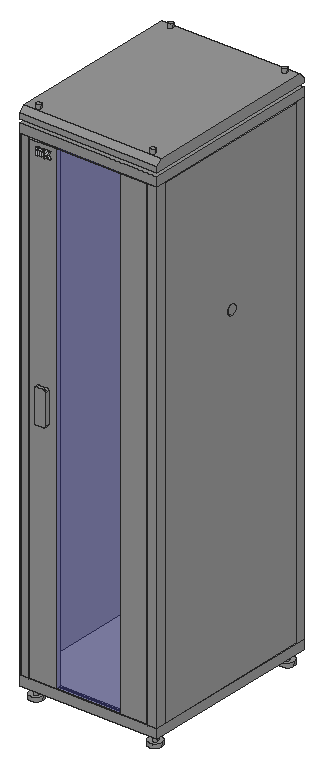
Revit family "ITK Шкаф сетевой 19 LINEA N 18U (600х600 мм и 600х800 мм) со стеклянной передней дверью", category Электрооборудование, Revit 2016
Family settings
  Тип детали = Другая панель
  Размер круглого соединителя = Использовать диаметр
  Номер OmniClass = 23.80.30.11.17
  Заголовок OmniClass = Distribution Boards and Control Panels
  На основе рабочей плоскости = Нет
  Всегда вертикально = Да
  При загрузке вырезать с полостями = Нет
  Общий = Нет
  Точка расчета площади = Нет
Parameters
  Ширина УГО = Ширина / 100  # 6 mm
  Ширина = 600 mm
  Степень защиты = "IP20"
  Смещение УГО по X [instance] = 1000 mm
  Основание = 50 mm
  Описание = "Напольные 19-дюймовые шкафы серии LINEA N применяются для размещения различного телекоммуникационного 19-дюймового активного и пассивного оборудования и небольших серверов, а также специализированного оборудования стандарта 19 дюймов, и отлично подходят для размещения как в офисных помещениях, так и в специализированных серверных комнатах.\r\n\r\nШирокий диапазон типоразмеров и модификаций сетевых шкафов, а также наличие большого количества комплектующих и аксессуаров к ним позволяет заказчику подобрать необходимую спецификацию в соответствии со стоящими перед ним задачами, а соответствие международным стандартам, таким как ISO9001, IEC 297, ISO/IEC 1180, обеспечивает совместимость с компонентами СКС и оборудованием других производителей.\r\n\r\nШкафы LINEA N обладают современным привлекательным дизайном и технологичной, но в то же время простой и удобной конструкцией, которая дает возможность эффективно справляться с задачами быстрого монтажа, администрирования и оперативного изменения конфигурации 19-дюймового оборудования, задачей защиты этого оборудования и поддержания для него оптимального температурного режима. Доступ внутрь шкафа возможен со всех сторон, для ввода кабеля предусмотрены вводы в верхней и нижней части. Сборка шкафа осуществляется одним специалистом и занимает не более 20 минут.\r\nРегулируемые по глубине 19-дюймовые направляющие.\r\nСовременный привлекательный дизайн.\r\nМонтажные профили имеют разметку в юнитах (U).\r\nХорошая естественная вентиляция, возможность установки дополнительных вентиляторных модулей.\r\nБоковые стенки оснащены замком и защелками.\r\nВозможность замены регулируемых ножек на ролики с тормозом.\r\nСтатическая нагрузка до 1000 кг (ножки).\r\nСборка одним человеком за 20 минут.\r\nНаличие большого количества совместимых аксессуаров и комплектующих производства ITK.\r\nВозможно исполнение в двух цветах: сером (RAL7035) и черном (RAL9005).\r\nРасширенная гарантия до 10 лет."  # constant formula
  Материал = Окраска - RAL 7035
  Крышка вентиляционная = 60 mm
  Type Comments = " "
  Assembly Code = ""
  Изготовитель = "ITK"  # constant formula
  Засечка УГО = 1.2 mm  # constant formula
  Model = ""
  Глубина УГО = Глубина / 100  # 8 mm
  Глубина = 800 mm
  Высота = 2312 mm
  Вид установки = "Напольный"
  URL = "http://www.itk-group.ru/produktsiya/catalog/?page=section&id=450&pagen=1&pagec=100"
  ADSK_Ток = ADSK_Номинальная мощность / (ADSK_Коэффициент мощности * ADSK_Напряжение * sqrt(ADSK_Количество фаз числовое))  # 0 A
  ADSK_Примечание = ""
  ADSK_Полная мощность = ADSK_Номинальная мощность / ADSK_Коэффициент мощности  # 0 VA
  ADSK_Позиция [instance] = ""
  ADSK_Номинальная мощность = 0 W
  ADSK_Напряжение = 220 V
  ADSK_Наименование краткое = "LN35-47U68-G"
  ADSK_Наименование = "ITK Шкаф сетевой 19\" LINEA N 47U 600х800 мм, стеклянная передняя дверь, серый"
  ADSK_Масса = 117
  ADSK_Марка = "LN35-47U68-G"
  ADSK_Коэффициент мощности = 1
  ADSK_Количество фаз числовое = 1
  ADSK_Количество фаз = 1
  ADSK_Код изделия = ""
  ADSK_Классификация нагрузок = Прочее
  ADSK_Завод-изготовитель = "IEK"
  ADSK_Единица измерения = "шт"
  ADSK_Группирование = "I. ЩИТЫ И ПУЛЬТЫ"
Reference planes
  plane 1 "По центру (Вперед/Назад)": y = 0
  plane 2: z = 0
  plane 3 "По центру (Влево/Вправо)": x = 0
  plane 4: x = -300
  plane 5: x = 300
  plane 6: y = 400
  plane 7: y = -400
  plane 8: z = 2312
  plane 9: z = 250
  plane 10: z = 2252
  plane 11: z = 50
  plane 12 "Смещение УГО по X": x = -1000
Forms (mm)
  Extrusion 1, solid, detail levels coarse+medium
    sketch origin (0, 0, 0) x (1, 0, 0) y (0, 1, 0)
      loop
        line (-300, 400) -> (-300, -400) -> (300, -400) -> (300, 400) -> (-300, 400)
    from 0 to 2312 <- "Высота"
Lines and regions (mm)
  reference lines
    curve 1: line (0, 119.942, 0) -> (0, -220.058, 0)
Dimensions and locks
  equal spacing: plane 7, plane 1 "По центру (Вперед/Назад)", plane 6
  "Глубина": plane 7 to plane 6
  equal spacing: plane 4, plane 3 "По центру (Влево/Вправо)", plane 5
  "Ширина": plane 4 to plane 5
  "Крышка вентиляционная": plane 8 to plane 10
  "Основание": plane 11 to plane 2
  "Высота": plane 8 to plane 2
  plane 12 "Смещение УГО по X" to plane 3 "По центру (Влево/Вправо)" = 1000 mm
  "Смещение УГО по X": plane 12 "Смещение УГО по X" to curve 1
  aligned and locked: level to plane 2
  aligned and locked: plane 1 "По центру (Вперед/Назад)" to nested 1
  aligned and locked: plane 3 "По центру (Влево/Вправо)" to nested 1
  aligned and locked: plane 3 "По центру (Влево/Вправо)" to nested 2
  aligned and locked: plane 1 "По центру (Вперед/Назад)" to nested 2
  aligned and locked: plane 1 "По центру (Вперед/Назад)" to nested 3
  aligned and locked: plane 3 "По центру (Влево/Вправо)" to nested 3
  aligned and locked: plane 1 "По центру (Вперед/Назад)" to nested 4
  aligned and locked: plane 3 "По центру (Влево/Вправо)" to nested 4
  aligned and locked: plane 3 "По центру (Влево/Вправо)" to nested 5
  aligned and locked: plane 1 "По центру (Вперед/Назад)" to nested 5
  aligned and locked: plane 1 "По центру (Вперед/Назад)" to nested 6
  aligned and locked: plane 3 "По центру (Влево/Вправо)" to nested 6
  aligned and locked: plane 1 "По центру (Вперед/Назад)" to nested 7
  aligned and locked: plane 3 "По центру (Влево/Вправо)" to nested 7
  aligned and locked: Extrusion 1 sketch curve to plane 4
  aligned and locked: Extrusion 1 sketch curve to plane 6
  aligned and locked: plane 7 to Extrusion 1 sketch curve
  aligned and locked: plane 5 to Extrusion 1 sketch curve
  aligned and locked: plane 1 "По центру (Вперед/Назад)" to nested 8
  aligned and locked: nested 1 to nested 4
  aligned and locked: nested 8 to curve 1
Automatic sketch dimensions
  curve 1 to plane 7 = 179.942 mm
  curve 1 to plane 1 "По центру (Вперед/Назад)" = 119.942 mm
Nested families
  nested 1: "Стойка_комплект 4шт" at (0, 0, 0), type "Стойка_комплект 4шт", detail levels fine
    with Основание 50 mm, Глубина 800 mm, Высота 2312 mm
  nested 2: "Панель боковая_2шт" at (0, 0, 0), type "Панель боковая_2шт", detail levels fine
    with Основание 50 mm, Крыша вентиляционная 60 mm, Глубина 800 mm, Высота 2312 mm
  nested 3: "Панель задняя" at (0, 0, 0), type "Панель задняя", detail levels fine
    with Основание 50 mm, Крыша вентиляционная 60 mm, Глубина 800 mm, Высота 2312 mm
  nested 4: "Основание_2шт" at (0, 0, 0), type "Основание_2шт", detail levels fine
    with Крыша вентиляционная 60 mm, Глубина 800 mm, Высота 2312 mm
  nested 5: "Крыша вентиляционная" at (0, 0, 0), type "Крыша вентиляционная", detail levels fine
    with Крыша вентиляционная 60 mm, Глубина 800 mm, Высота 2312 mm
  nested 6: "Ножки" at (0, 0, 0), type "Ножки", detail levels fine
    with Крыша вентиляционная 60 mm, Глубина 800 mm, Высота 2312 mm
  nested 7: "Комплект двери стекляной" at (0, 0, 0), type "Комплект двери стекляной", detail levels fine
    with Основание 50 mm, Крыша вентиляционная 60 mm, Глубина 800 mm, Высота 2312 mm
  nested 8: "УГО (одна дверь)" at (0, 0, 0), type "УГО (одна дверь)", detail levels coarse+medium
    with Ширина УГО 6 mm, Засечка УГО 1.2 mm, Глубина УГО 8 mm
Connectors
  electrical at (0, 400, 1156), driven by "ADSK_Напряжение", driven by "ADSK_Количество фаз", driven by "ADSK_Коэффициент мощности", driven by "ADSK_Классификация нагрузок", driven by "ADSK_Полная мощность"
    settings: on Extrusion 1, index 1, voltage 220 V, apparent load 0 VA, apparent load phase1 0 VA, apparent load phase2 0 VA, apparent load phase3 0 VA, power factor 1, load classification "Прочее", number of poles 1, system type 31, power factor state 1, is connector primary yes, connector utility no, sub classification motor no, connector description ""
Definition of nested family "Стойка_комплект 4шт"
  Parameters
    Ширина = 600 mm
    Основание = 150 mm
    Материал = none
    Крыша вентиляционная = 60 mm
    Глубина = 600 mm
    Высота = 2200 mm
  Reference planes
    plane 1 "По центру (Вперед/Назад)": y = 0
    plane 2: z = 0
    plane 3 "По центру (Влево/Вправо)": x = 0
    plane 4: x = -300
    plane 5: x = 300
    plane 6: y = 300
    plane 7: y = -300
    plane 8: y = 260
    plane 9: y = -260
    plane 10: x = -260
    plane 11: x = 260
    plane 12: z = 2100
    plane 13: z = 190
    plane 14: z = 150
    plane 15: z = 2140
    plane 16: z = 2200
  Forms (mm)
    Extrusion 1, solid, material <- "Материал"
      sketch origin (0, 0, 0) x (1, 0, 0) y (0, 1, 0)
        loop
          line (-300, -260) -> (-300, -300) -> (-260, -300) -> (-260, -280) -> (-245, -280) -> (-245, -260) -> (-260, -260) -> (-260, -245) -> (-270, -245) -> (-270, -260) -> (-300, -260)
        loop
          line (300, -260) -> (270, -260) -> (270, -245) -> (260, -245) -> (260, -260) -> (245, -260) -> (245, -280) -> (260, -280) -> (260, -300) -> (300, -300) -> (300, -260)
        loop
          line (300, 260) -> (300, 300) -> (260, 300) -> (260, 270) -> (245, 270) -> (245, 260) -> (260, 260) -> (260, 245) -> (270, 245) -> (270, 260) -> (300, 260)
        loop
          line (-300, 260) -> (-270, 260) -> (-270, 245) -> (-260, 245) -> (-260, 260) -> (-245, 260) -> (-245, 270) -> (-260, 270) -> (-260, 300) -> (-300, 300) -> (-300, 260)
        loop
          line (297, 297) -> (263, 297) -> (263, 267) -> (248, 267) -> (248, 263) -> (263, 263) -> (263, 248) -> (267, 248) -> (267, 263) -> (297, 263) -> (297, 297)
        loop
          line (-263, 297) -> (-297, 297) -> (-297, 263) -> (-267, 263) -> (-267, 248) -> (-263, 248) -> (-263, 263) -> (-248, 263) -> (-248, 267) -> (-263, 267) -> (-263, 297)
        loop
          line (-297, -263) -> (-297, -297) -> (-263, -297) -> (-263, -277) -> (-248, -277) -> (-248, -263) -> (-263, -263) -> (-263, -248) -> (-267, -248) -> (-267, -263) -> (-297, -263)
        loop
          line (263, -297) -> (297, -297) -> (297, -263) -> (267, -263) -> (267, -248) -> (263, -248) -> (263, -263) -> (248, -263) -> (248, -277) -> (263, -277) -> (263, -297)
      from 190 to 2100
  Dimensions and locks
    equal spacing: plane 7, plane 1 "По центру (Вперед/Назад)", plane 6
    equal spacing: plane 4, plane 3 "По центру (Влево/Вправо)", plane 5
    "Ширина": plane 4 to plane 5
    "Глубина": plane 7 to plane 6
    locked: plane 7 to plane 9 at 40
    locked: plane 6 to plane 8 at 40
    locked: plane 11 to plane 5 at 40
    locked: plane 4 to plane 10 at 40
    locked: plane 15 to plane 12 at 40
    "Крыша вентиляционная": plane 16 to plane 15
    locked: plane 13 to plane 14 at 40
    "Основание": plane 14 to plane 2
    "Высота": plane 16 to plane 2
    aligned and locked: level to plane 2
    aligned and locked: plane 9 to Extrusion 1 sketch curve
    aligned and locked: plane 4 to Extrusion 1 sketch curve
    aligned and locked: Extrusion 1 sketch curve to plane 7
    aligned and locked: plane 5 to Extrusion 1 sketch curve
    aligned and locked: plane 8 to Extrusion 1 sketch curve  (x2)
    aligned and locked: Extrusion 1 sketch curve to plane 11  (x2)
    aligned and locked: Extrusion 1 sketch curve to plane 6
    aligned and locked: plane 10 to Extrusion 1 sketch curve  (x2)
    aligned and locked: Extrusion 1 sketch curve to plane 8  (x2)
    aligned and locked: plane 6 to Extrusion 1 sketch curve
    aligned and locked: Extrusion 1 sketch curve to plane 4
    aligned and locked: plane 7 to Extrusion 1 sketch curve
    aligned and locked: Extrusion 1 sketch curve to plane 5
    aligned and locked: Extrusion 1 sketch curve to plane 9
    aligned and locked: plane 11 to Extrusion 1 sketch curve
    aligned and locked: plane 12 to Extrusion 1
    aligned and locked: Extrusion 1 to plane 13
  Automatic sketch dimensions
    Extrusion 1 sketch curve to plane 10 = 0 mm  (x2)
    plane 9 to Extrusion 1 sketch curve = 0 mm  (x2)
    Extrusion 1 sketch curve to plane 11 = 0 mm
    plane 4 to Extrusion 1 sketch curve = 3 mm  (x2)
    Extrusion 1 sketch curve to plane 10 = 10 mm  (x2)
    Extrusion 1 sketch curve to Extrusion 1 sketch curve = 3 mm  (x16)
    Extrusion 1 sketch curve to plane 10 = 3 mm  (x4)
    plane 10 to Extrusion 1 sketch curve = 12 mm  (x2)
    Extrusion 1 sketch curve to Extrusion 1 sketch curve = 15 mm  (x2)
    Extrusion 1 sketch curve to plane 11 = 3 mm  (x4)
    Extrusion 1 sketch curve to Extrusion 1 sketch curve = 4 mm  (x4)
    plane 5 to Extrusion 1 sketch curve = 3 mm  (x2)
    Extrusion 1 sketch curve to plane 7 = 3 mm  (x2)
    Extrusion 1 sketch curve to plane 7 = 20 mm  (x2)
    plane 9 to Extrusion 1 sketch curve = 3 mm  (x4)
    Extrusion 1 sketch curve to plane 9 = 12 mm  (x2)
    Extrusion 1 sketch curve to plane 8 = 15 mm  (x2)
    plane 8 to Extrusion 1 sketch curve = 3 mm  (x4)
    Extrusion 1 sketch curve to plane 6 = 3 mm  (x2)
Definition of nested family "Панель боковая_2шт"
  Parameters
    Ширина = 600 mm
    Основание = 150 mm
    Материал = none
    Крыша вентиляционная = 80 mm
    Глубина = 600 mm
    Высота = 1800 mm
  Reference planes
    plane 1 "По центру (Вперед/Назад)": y = 0
    plane 2: z = 0
    plane 3 "По центру (Влево/Вправо)": x = 0
    plane 4: x = -300
    plane 5: x = 300
    plane 6: y = 300
    plane 7: y = -300
    plane 8: y = 260
    plane 9: y = -260
    plane 10: x = -260
    plane 11: x = 260
    plane 12: z = 1680
    plane 13: z = 190
    plane 14: z = 1675
    plane 15: z = 195
    plane 16: z = 150
    plane 17: z = 1720
    plane 18: z = 1800
    plane 19: z = 1250
    plane 20: z = 700
  Forms (mm)
    Extrusion 1, solid, material <- "Материал"
      sketch origin (0, 0, 0) x (1, 0, 0) y (0, 1, 0)
        loop
          line (-300, 255) -> (-300, -255) -> (-269.98, -255) -> (-269.98, -245) -> (-289.98, -245) -> (-289.98, 245) -> (-270, 245) -> (-270, 255) -> (-300, 255)
        loop
          line (300, 255) -> (269.98, 255) -> (269.98, 245) -> (289.98, 245) -> (289.98, -245) -> (269.98, -245) -> (269.98, -255) -> (300, -255) -> (300, 255)
      from 195 to 1675
  Dimensions and locks
    equal spacing: plane 7, plane 1 "По центру (Вперед/Назад)", plane 6
    equal spacing: plane 4, plane 3 "По центру (Влево/Вправо)", plane 5
    "Ширина": plane 4 to plane 5
    "Глубина": plane 7 to plane 6
    locked: plane 7 to plane 9 at 40
    locked: plane 6 to plane 8 at 40
    locked: plane 11 to plane 5 at 40
    locked: plane 4 to plane 10 at 40
    locked: plane 12 to plane 14 at 5
    locked: plane 15 to plane 13 at 5
    locked: plane 13 to plane 16 at 40
    "Основание": plane 16 to plane 2
    locked: plane 17 to plane 12 at 40
    "Крыша вентиляционная": plane 18 to plane 17
    equal spacing: plane 18, plane 19, plane 20, plane 16
    "Высота": plane 18 to plane 2
    aligned and locked: level to plane 2
    aligned and locked: plane 4 to Extrusion 1 sketch curve
    aligned and locked: Extrusion 1 sketch curve to plane 5
    aligned and locked: plane 14 to Extrusion 1
    aligned and locked: Extrusion 1 to plane 15
    aligned and locked: nested 2 to plane 1 "По центру (Вперед/Назад)"
    aligned and locked: nested 2 to plane 19
    aligned and locked: nested 1 to plane 19
    aligned and locked: plane 1 "По центру (Вперед/Назад)" to nested 1
  Automatic sketch dimensions
    plane 4 to Extrusion 1 sketch curve = 10.02 mm
    Extrusion 1 sketch curve to plane 10 = 10 mm
    Extrusion 1 sketch curve to plane 10 = 9.98 mm
    Extrusion 1 sketch curve to plane 11 = 9.98 mm  (x2)
    plane 5 to Extrusion 1 sketch curve = 10.02 mm
    Extrusion 1 sketch curve to plane 9 = 15 mm  (x2)
    Extrusion 1 sketch curve to plane 8 = 15 mm  (x2)
    Extrusion 1 sketch curve to plane 9 = 5 mm  (x2)
    Extrusion 1 sketch curve to plane 8 = 5 mm  (x2)
  Nested families
    nested 1: "Замок" at (-300, 0, 1250) x (0, -1, 0) z (-1, 0, 0), type "Замок"
    nested 2: "Замок" at (300, 0, 1250) x (0, 1, 0) z (1, 0, 0), type "Замок"
  Definition of nested family "Замок"
    Parameters
      Default Elevation = 1219.2 mm
      Материал = none
    Reference planes
      plane 1 "По центру (Вперед/Назад)": y = 0
      plane 2: z = 0
      plane 3 "По центру (Влево/Вправо)": x = 0
    Forms (mm)
      Extrusion 1, solid
        sketch origin (0, 0, 0) x (1, 0, 0) y (0, 1, 0)
          loop
            line (-1219.2, 1219.2) -> (-1219.2, -1219.2) -> (1219.2, -1219.2) -> (1219.2, 1219.2) -> (-1219.2, 1219.2)
        from 0 to -304.8
      Extrusion 2, solid, material <- "Материал"
        sketch origin (0, 0, 0) x (1, 0, 0) y (0, 1, 0)
          loop
            circle (0, 0) r 20
          loop
            line (3, 8.219) -> (-3, 8.219) -> (-3, -8.219) -> (3, -8.219) -> (3, 8.219)
        from 0 to 7
    Dimensions and locks
      aligned and locked: plane 2 to Extrusion 1
      aligned and locked: level to Extrusion 1
Definition of nested family "Панель задняя"
  Parameters
    Ширина = 600 mm
    Основание = 150 mm
    Материал = none
    Крыша вентиляционная = 45 mm
    Глубина = 600 mm
    Высота = 1800 mm
  Reference planes
    plane 1 "По центру (Вперед/Назад)": y = 0
    plane 2: z = 0
    plane 3 "По центру (Влево/Вправо)": x = 0
    plane 4: x = -300
    plane 5: x = 300
    plane 6: y = 300
    plane 7: y = -300
    plane 8: y = 260
    plane 9: y = -260
    plane 10: x = -260
    plane 11: x = 260
    plane 12: z = 1715
    plane 13: z = 190
    plane 14: z = 1710
    plane 15: z = 195
    plane 16: z = 1755
    plane 17: z = 1800
    plane 18: z = 150
    plane 19: z = 240
    plane 20: z = 320
    plane 21: z = 370
    plane 22: z = 1665
    plane 23: z = 1585
    plane 24: z = 1535
    plane 25: z = 952.5
    plane 26: x = 140
    plane 27: x = -140
  Forms (mm)
    Extrusion 1, solid, material <- "Материал"
      sketch origin (0, 0, 0) x (1, 0, 0) y (0, 1, 0)
        loop
          line (-255, 300) -> (-255, 270) -> (-245, 270) -> (-245, 290) -> (245, 290) -> (245, 270) -> (255, 270) -> (255, 300) -> (-255, 300)
      from 195 to 1710
    Extrusion 2, void
      sketch origin (0, 0, 0) x (1, 0, 0) y (0, 0, 1)
        loop
          line (-255, 372.527) -> (-255, 367.473) -> (255, 367.473) -> (255, 372.527) -> (-255, 372.527)
        loop
          line (-175, 320) -> (-175, 240) -> (175, 240) -> (175, 320) -> (-175, 320)
        loop
          line (-170, 245) -> (170, 245) -> (170, 315) -> (-170, 315) -> (-170, 245)
        loop
          line (-255, 1532.473) -> (255, 1532.473) -> (255, 1537.527) -> (-255, 1537.527) -> (-255, 1532.473)
        loop
          line (-175, 1585) -> (175, 1585) -> (175, 1665) -> (-175, 1665) -> (-175, 1585)
        loop
          line (-170, 1660) -> (-170, 1590) -> (170, 1590) -> (170, 1660) -> (-170, 1660)
      from -300 to -293
  Cuts and joins
    Extrusion 2 cuts Extrusion 1
  Dimensions and locks
    equal spacing: plane 7, plane 1 "По центру (Вперед/Назад)", plane 6
    equal spacing: plane 4, plane 3 "По центру (Влево/Вправо)", plane 5
    "Ширина": plane 4 to plane 5
    "Глубина": plane 7 to plane 6
    locked: plane 7 to plane 9 at 40
    locked: plane 6 to plane 8 at 40
    locked: plane 11 to plane 5 at 40
    locked: plane 4 to plane 10 at 40
    locked: plane 12 to plane 14 at 5
    locked: plane 15 to plane 13 at 5
    locked: plane 16 to plane 12 at 40
    "Крыша вентиляционная": plane 17 to plane 16
    locked: plane 13 to plane 18 at 40
    "Основание": plane 18 to plane 2
    equal spacing: Extrusion 2 sketch curve, plane 21, Extrusion 2 sketch curve
    locked: Extrusion 2 sketch curve to Extrusion 2 sketch curve at 5.053  (x2)
    equal spacing: Extrusion 2 sketch curve, plane 3 "По центру (Влево/Вправо)", Extrusion 2 sketch curve  (x2)
    locked: Extrusion 2 sketch curve to Extrusion 2 sketch curve at 350  (x2)
    locked: plane 19 to plane 13 at 50
    locked: plane 21 to plane 20 at 50
    locked: plane 20 to plane 19 at 80
    locked: plane 23 to plane 24 at 50
    locked: plane 12 to plane 22 at 50
    locked: plane 22 to plane 23 at 80
    equal spacing: Extrusion 2 sketch curve, plane 24, Extrusion 2 sketch curve
    locked: plane 27 to plane 10 at 120
    locked: plane 26 to plane 11 at 120
    "Высота": plane 17 to plane 2
    equal spacing: plane 18, plane 25, plane 16
    aligned and locked: level to plane 2
    aligned and locked: Extrusion 1 sketch curve to plane 6
    aligned and locked: plane 14 to Extrusion 1
    aligned and locked: Extrusion 1 to plane 15
    aligned and locked: Extrusion 2 sketch curve to Extrusion 1  (x2)
    aligned and locked: Extrusion 2 sketch curve to plane 20
    aligned and locked: plane 19 to Extrusion 2 sketch curve
    aligned and locked: plane 6 to Extrusion 2
    aligned and locked: Extrusion 2 sketch curve to plane 23
    aligned and locked: plane 22 to Extrusion 2 sketch curve
    aligned and locked: nested 2 to plane 25
    aligned and locked: plane 26 to nested 2
    aligned and locked: nested 1 to plane 25
    aligned and locked: nested 1 to plane 27
  Automatic sketch dimensions
    plane 10 to Extrusion 1 sketch curve = 5 mm
    Extrusion 1 sketch curve to Extrusion 1 sketch curve = 10 mm
    plane 11 to Extrusion 1 sketch curve = 15 mm
    plane 11 to Extrusion 1 sketch curve = 5 mm
    Extrusion 1 sketch curve to plane 6 = 10 mm
    plane 8 to Extrusion 1 sketch curve = 10 mm  (x2)
    plane 10 to Extrusion 2 sketch curve = 5 mm
    Extrusion 2 sketch curve to Extrusion 2 sketch curve = 5 mm  (x4)
    plane 11 to Extrusion 2 sketch curve = 5 mm
    plane 19 to Extrusion 2 sketch curve = 5 mm
    Extrusion 2 sketch curve to plane 20 = 5 mm
    plane 23 to Extrusion 2 sketch curve = 5 mm
    Extrusion 2 sketch curve to plane 22 = 5 mm
  Nested families
    nested 1: "Замок" at (-140, 300, 952.5) x (-1, 0, 0) z (0, 1, 0), type "Замок"
    nested 2: "Замок" at (140, 300, 952.5) x (-1, 0, 0) z (0, 1, 0), type "Замок"
  Definition of nested family "Замок"
    Parameters
      Default Elevation = 1219.2 mm
      Материал = none
    Reference planes
      plane 1 "По центру (Вперед/Назад)": y = 0
      plane 2: z = 0
      plane 3 "По центру (Влево/Вправо)": x = 0
    Forms (mm)
      Extrusion 1, solid
        sketch origin (0, 0, 0) x (1, 0, 0) y (0, 1, 0)
          loop
            line (-1219.2, 1219.2) -> (-1219.2, -1219.2) -> (1219.2, -1219.2) -> (1219.2, 1219.2) -> (-1219.2, 1219.2)
        from 0 to -304.8
      Extrusion 2, solid, material <- "Материал"
        sketch origin (0, 0, 0) x (1, 0, 0) y (0, 1, 0)
          loop
            circle (0, 0) r 20
          loop
            line (3, 8.219) -> (-3, 8.219) -> (-3, -8.219) -> (3, -8.219) -> (3, 8.219)
        from 0 to 7
    Dimensions and locks
      aligned and locked: plane 2 to Extrusion 1
      aligned and locked: level to Extrusion 1
Definition of nested family "Основание_2шт"
  Parameters
    Ширина = 600 mm
    Основание = 50 mm
    Материал = none
    Крыша вентиляционная = 100 mm
    Глубина = 600 mm
    Высота = 1800 mm
  Reference planes
    plane 1 "По центру (Вперед/Назад)": y = 0
    plane 2: z = 0
    plane 3 "По центру (Влево/Вправо)": x = 0
    plane 4: x = -300
    plane 5: x = 300
    plane 6: y = 300
    plane 7: y = -300
    plane 8: y = 260
    plane 9: y = -260
    plane 10: x = -260
    plane 11: x = 260
    plane 12: z = 1800
    plane 13: z = 90
    plane 14: z = 50
    plane 15: z = 1700
    plane 16: z = 1660
    plane 17: z = 1655
    plane 18: z = 95
  Forms (mm)
    Extrusion 1, solid, material <- "Материал"
      sketch origin (0, 0, 0) x (1, 0, 0) y (0, 0, 1)
        loop
          line (-300, 1700) -> (-300, 1660) -> (300, 1660) -> (300, 1700) -> (-300, 1700)
        loop
          line (-300, 90) -> (-300, 50) -> (300, 50) -> (300, 90) -> (-300, 90)
      from -300 to 300
    Extrusion 2, solid, material <- "Материал"
      sketch origin (-1511.359, -1524, 1660) x (-1, 0, 0) y (0, -1, 0)
        loop
          line (-1771.359, -1769) -> (-1771.359, -1784) -> (-1756.359, -1784) -> (-1756.359, -1814) -> (-1266.359, -1814) -> (-1266.359, -1784) -> (-1251.359, -1784) -> (-1251.359, -1769) -> (-1221.359, -1769) -> (-1221.359, -1279) -> (-1251.359, -1279) -> (-1251.359, -1264) -> (-1266.359, -1264) -> (-1266.359, -1244) -> (-1756.359, -1244) -> (-1756.359, -1264) -> (-1771.359, -1264) -> (-1771.359, -1279) -> (-1801.359, -1279) -> (-1801.359, -1769) -> (-1771.359, -1769)
      from -5 to 0
    Extrusion 3, solid, material <- "Материал"
      sketch origin (-1511.359, -1524, 384.733) x (0, 1, 0) y (1, 0, 0)
        loop
          line (1769, 1771.359) -> (1769, 1801.359) -> (1279, 1801.359) -> (1279, 1771.359) -> (1264, 1771.359) -> (1264, 1756.359) -> (1244, 1756.359) -> (1244, 1266.359) -> (1264, 1266.359) -> (1264, 1251.359) -> (1279, 1251.359) -> (1279, 1221.359) -> (1769, 1221.359) -> (1769, 1251.359) -> (1784, 1251.359) -> (1784, 1266.359) -> (1814, 1266.359) -> (1814, 1756.359) -> (1784, 1756.359) -> (1784, 1771.359) -> (1769, 1771.359)
      from 289.733 to 294.733
  Dimensions and locks
    equal spacing: plane 7, plane 1 "По центру (Вперед/Назад)", plane 6
    equal spacing: plane 4, plane 3 "По центру (Влево/Вправо)", plane 5
    "Ширина": plane 4 to plane 5
    "Глубина": plane 7 to plane 6
    locked: plane 7 to plane 9 at 40
    locked: plane 6 to plane 8 at 40
    locked: plane 11 to plane 5 at 40
    locked: plane 4 to plane 10 at 40
    "Основание": plane 14 to plane 2
    locked: plane 13 to plane 14 at 40
    locked: plane 15 to plane 16 at 40
    "Крыша вентиляционная": plane 12 to plane 15
    locked: plane 16 to plane 17 at 5
    locked: plane 18 to plane 13 at 5
    "Высота": plane 12 to plane 2
    aligned and locked: level to plane 2
    aligned and locked: Extrusion 1 sketch curve to plane 15
    aligned and locked: plane 4 to Extrusion 1 sketch curve  (x2)
    aligned and locked: plane 16 to Extrusion 1 sketch curve
    aligned and locked: plane 5 to Extrusion 1 sketch curve  (x2)
    aligned and locked: Extrusion 1 sketch curve to plane 13
    aligned and locked: plane 14 to Extrusion 1 sketch curve
    aligned and locked: plane 6 to Extrusion 1
    aligned and locked: plane 7 to Extrusion 1
    aligned and locked: plane 9 to Extrusion 2 sketch curve
    aligned and locked: Extrusion 2 sketch curve to plane 9
    aligned and locked: Extrusion 2 sketch curve to plane 10
    aligned and locked: plane 11 to Extrusion 2 sketch curve
    aligned and locked: Extrusion 2 sketch curve to plane 11
    aligned and locked: plane 8 to Extrusion 2 sketch curve
    aligned and locked: Extrusion 2 sketch curve to plane 8
    aligned and locked: plane 10 to Extrusion 2 sketch curve
    aligned and locked: plane 16 to Extrusion 2
    aligned and locked: Extrusion 2 to plane 17
    aligned and locked: Extrusion 3 to plane 13
    aligned and locked: plane 18 to Extrusion 3
    aligned and locked: Extrusion 2 sketch curve to Extrusion 3
  Automatic sketch dimensions
    plane 5 to Extrusion 2 sketch curve = 10 mm
    Extrusion 2 sketch curve to Extrusion 2 sketch curve = 15 mm  (x2)
    plane 10 to Extrusion 2 sketch curve = 15 mm  (x2)
    plane 4 to Extrusion 2 sketch curve = 10 mm
    Extrusion 2 sketch curve to plane 6 = 10 mm
    Extrusion 2 sketch curve to plane 8 = 15 mm  (x2)
    Extrusion 2 sketch curve to plane 9 = 15 mm  (x2)
    plane 9 to Extrusion 3 sketch curve = 0 mm  (x2)
    Extrusion 3 sketch curve to plane 11 = 0 mm  (x2)
    Extrusion 3 sketch curve to plane 10 = 0 mm  (x2)
    Extrusion 3 sketch curve to plane 8 = 0 mm  (x2)
    Extrusion 3 sketch curve to plane 7 = 20 mm
    Extrusion 3 sketch curve to plane 9 = 15 mm  (x2)
    Extrusion 3 sketch curve to Extrusion 3 sketch curve = 15 mm  (x3)
    Extrusion 3 sketch curve to plane 8 = 15 mm
    Extrusion 3 sketch curve to plane 6 = 10 mm
    plane 5 to Extrusion 3 sketch curve = 10 mm
    plane 10 to Extrusion 3 sketch curve = 15 mm  (x2)
    plane 4 to Extrusion 3 sketch curve = 10 mm
Definition of nested family "Крыша вентиляционная"
  Parameters
    Ширина = 600 mm
    Основание = 50 mm
    Материал = none
    Крыша вентиляционная = 65 mm
    Глубина = 600 mm
    Высота = 1805 mm
  Reference planes
    plane 1 "По центру (Вперед/Назад)": y = 0
    plane 2: z = 0
    plane 3 "По центру (Влево/Вправо)": x = 0
    plane 4: x = -300
    plane 5: x = 300
    plane 6: y = 300
    plane 7: y = -300
    plane 8: y = 260
    plane 9: y = -260
    plane 10: x = -260
    plane 11: x = 260
    plane 12: z = 1805
    plane 13: z = 50
    plane 14: z = 1740
    plane 15: z = 1820
    plane 16: z = 1755
  Forms (mm)
    Extrusion 1, solid, material <- "Материал"
      sketch origin (-1511.359, -1524, 1710) x (-1, 0, 0) y (0, -1, 0)
        loop
          circle (-1761.359, -1784) r 10
        loop
          circle (-1761.359, -1264) r 10
        loop
          circle (-1261.359, -1784) r 10
        loop
          circle (-1261.359, -1264) r 10
      from 30 to 110
    Extrusion 2, solid, material <- "Материал"
      sketch origin (0, 0, 0) x (0, 1, 0) y (0, 0, 1)
        loop
          line (-275, 1805) -> (-300, 1780) -> (-300, 1755) -> (300, 1755) -> (300, 1780) -> (275, 1805) -> (-275, 1805)
      from -300 to 300
  Cuts and joins
    joined: Extrusion 1, Extrusion 2
  Dimensions and locks
    equal spacing: plane 7, plane 1 "По центру (Вперед/Назад)", plane 6
    equal spacing: plane 4, plane 3 "По центру (Влево/Вправо)", plane 5
    "Ширина": plane 4 to plane 5
    "Глубина": plane 7 to plane 6
    locked: plane 7 to plane 9 at 40
    locked: plane 6 to plane 8 at 40
    locked: plane 11 to plane 5 at 40
    locked: plane 4 to plane 10 at 40
    "Основание": plane 13 to plane 2
    "Крыша вентиляционная": plane 12 to plane 14
    locked: plane 15 to plane 12 at 15
    locked: plane 16 to plane 14 at 15
    equal spacing: plane 12, Extrusion 2 sketch curve, plane 16  (x2)
    "Высота": plane 12 to plane 2
    locked: plane 12 to Extrusion 2 sketch curve (angle 45.00°)
    locked: Extrusion 2 sketch curve to plane 12 (angle 45.00°)
    aligned and locked: level to plane 2
    aligned and locked: Extrusion 1 to plane 14
    aligned and locked: plane 15 to Extrusion 1
    aligned and locked: Extrusion 2 sketch curve to plane 12
    aligned and locked: Extrusion 2 sketch curve to plane 7
    aligned and locked: plane 16 to Extrusion 2 sketch curve
    aligned and locked: Extrusion 2 sketch curve to plane 6
    aligned and locked: Extrusion 2 to plane 4
    aligned and locked: Extrusion 2 to plane 5
  Automatic sketch dimensions
    plane 9 to Extrusion 1 sketch curve = 0 mm  (x2)
    Extrusion 1 sketch curve to plane 8 = 0 mm  (x2)
    plane 11 to Extrusion 1 sketch curve = 10 mm  (x2)
    plane 10 to Extrusion 1 sketch curve = 10 mm  (x2)
    radius of Extrusion 1 sketch curve = 10 mm  (x4)
Definition of nested family "Ножки"
  Parameters
    Ширина = 600 mm
    Основание = 50 mm
    Материал = none
    Крыша вентиляционная = 100 mm
    Глубина = 600 mm
    Высота = 1800 mm
  Reference planes
    plane 1 "По центру (Вперед/Назад)": y = 0
    plane 2: z = 0
    plane 3 "По центру (Влево/Вправо)": x = 0
    plane 4: x = -300
    plane 5: x = 300
    plane 6: y = 300
    plane 7: y = -300
    plane 8: y = 260
    plane 9: y = -260
    plane 10: x = -260
    plane 11: x = 260
    plane 12: z = 1850
    plane 13: z = 50
    plane 14: z = 15
  Forms (mm)
    Extrusion 1, solid, material <- "Материал"
      sketch origin (-1511.359, -1524, 1710) x (-1, 0, 0) y (0, -1, 0)
        loop
          circle (-1251.359, -1784) r 30
        loop
          circle (-1771.359, -1784) r 30
        loop
          circle (-1251.359, -1264) r 30
        loop
          circle (-1771.359, -1264) r 30
      from -1710 to -1695
    Extrusion 2, solid, material <- "Материал"
      sketch origin (-1511.359, -1524, 1710) x (-1, 0, 0) y (0, -1, 0)
        loop
          circle (-1251.359, -1784) r 10
        loop
          circle (-1771.359, -1784) r 10
        loop
          circle (-1251.359, -1264) r 10
        loop
          circle (-1771.359, -1264) r 10
      from -1695 to -1660
  Dimensions and locks
    equal spacing: plane 7, plane 1 "По центру (Вперед/Назад)", plane 6
    equal spacing: plane 4, plane 3 "По центру (Влево/Вправо)", plane 5
    "Ширина": plane 4 to plane 5
    "Глубина": plane 7 to plane 6
    locked: plane 7 to plane 9 at 40
    locked: plane 6 to plane 8 at 40
    locked: plane 11 to plane 5 at 40
    locked: plane 4 to plane 10 at 40
    "Основание": plane 13 to plane 2
    "Высота": plane 12 to plane 13
    locked: plane 14 to plane 2 at 15
    aligned and locked: level to plane 2
    aligned and locked: plane 10 to Extrusion 1 sketch curve  (x2)
    aligned and locked: plane 9 to Extrusion 1 sketch curve  (x2)
    aligned and locked: plane 11 to Extrusion 1 sketch curve  (x2)
    aligned and locked: plane 8 to Extrusion 1 sketch curve  (x2)
    aligned and locked: plane 10 to Extrusion 2 sketch curve  (x2)
    aligned and locked: plane 8 to Extrusion 2 sketch curve  (x2)
    aligned and locked: plane 11 to Extrusion 2 sketch curve  (x2)
    aligned and locked: plane 9 to Extrusion 2 sketch curve  (x2)
    aligned and locked: Extrusion 1 to level
    aligned and locked: plane 14 to Extrusion 1
    aligned and locked: Extrusion 2 to plane 14
    aligned and locked: plane 13 to Extrusion 2
  Automatic sketch dimensions
    radius of Extrusion 1 sketch curve = 30 mm  (x4)
    radius of Extrusion 2 sketch curve = 10 mm  (x4)
Definition of nested family "Комплект двери стекляной"
  Parameters
    Ширина = 600 mm
    Основание = 150 mm
    Материал = none
    Крыша вентиляционная = 45 mm
    Глубина = 600 mm
    Высота = 1800 mm
  Reference planes
    plane 1 "По центру (Вперед/Назад)": y = 0
    plane 2: z = 0
    plane 3 "По центру (Влево/Вправо)": x = 0
    plane 4: x = -300
    plane 5: x = 300
    plane 6: y = 300
    plane 7: y = -300
    plane 8: y = 260
    plane 9: y = -260
    plane 10: x = -260
    plane 11: x = 260
    plane 12: z = 1715
    plane 13: z = 190
    plane 14: z = 1710
    plane 15: z = 195
    plane 16: z = 1755
    plane 17: z = 1800
    plane 18: z = 150
    plane 19: z = 975
    plane 20: x = -200
    plane 21: x = -140
    plane 22: x = 140
    plane 23: z = 1660
  Forms (mm)
    Extrusion 1, solid, material <- "Материал"
      sketch origin (0, 0, 0) x (1, 0, 0) y (0, 1, 0)
        loop
          line (-255, -300) -> (-140, -300) -> (-140, -280) -> (-235, -280) -> (-235, -265) -> (-245, -265) -> (-245, -280) -> (-255, -280) -> (-255, -300)
        loop
          line (255, -300) -> (255, -280) -> (245, -280) -> (245, -265) -> (235, -265) -> (235, -280) -> (140, -280) -> (140, -300) -> (255, -300)
      from 195 to 1710
    Extrusion 2, solid
      sketch origin (0, 0, 0) x (1, 0, 0) y (0, 1, 0)
        loop
          line (-140, -280) -> (-140, -300) -> (140, -300) -> (140, -280) -> (-140, -280)
      from 195 to 1710
  Dimensions and locks
    equal spacing: plane 7, plane 1 "По центру (Вперед/Назад)", plane 6
    equal spacing: plane 4, plane 3 "По центру (Влево/Вправо)", plane 5
    "Ширина": plane 4 to plane 5
    "Глубина": plane 7 to plane 6
    locked: plane 7 to plane 9 at 40
    locked: plane 6 to plane 8 at 40
    locked: plane 11 to plane 5 at 40
    locked: plane 4 to plane 10 at 40
    locked: plane 12 to plane 14 at 5
    locked: plane 15 to plane 13 at 5
    locked: plane 16 to plane 12 at 40
    "Крыша вентиляционная": plane 17 to plane 16
    locked: plane 13 to plane 18 at 40
    "Основание": plane 18 to plane 2
    equal spacing: plane 17, plane 19, plane 18
    locked: plane 4 to plane 21 at 160
    locked: plane 22 to plane 5 at 160
    locked: plane 4 to plane 20 at 100
    locked: plane 14 to plane 23 at 50
    "Высота": plane 17 to plane 2
    aligned and locked: level to plane 2
    aligned and locked: plane 14 to Extrusion 1
    aligned and locked: Extrusion 1 to plane 15
    aligned and locked: nested 1 to plane 19
    aligned and locked: plane 20 to nested 1
    aligned and locked: Extrusion 1 sketch curve to plane 21
    aligned and locked: Extrusion 1 sketch curve to plane 22
    aligned and locked: Extrusion 2 sketch curve to Extrusion 1  (x4)
    aligned and locked: plane 14 to Extrusion 2
    aligned and locked: Extrusion 2 to plane 15
    aligned and locked: plane 20 to nested 2
    aligned and locked: nested 2 to plane 23
  Automatic sketch dimensions
    plane 7 to Extrusion 1 sketch curve = 0 mm  (x2)
    Extrusion 1 sketch curve to plane 10 = 25 mm
    Extrusion 1 sketch curve to Extrusion 1 sketch curve = 10 mm  (x2)
    Extrusion 1 sketch curve to plane 10 = 5 mm
    Extrusion 1 sketch curve to plane 11 = 25 mm
    Extrusion 1 sketch curve to plane 11 = 5 mm
    plane 7 to Extrusion 1 sketch curve = 20 mm  (x3)
    Extrusion 1 sketch curve to plane 9 = 5 mm  (x2)
    Extrusion 1 sketch curve to Extrusion 1 sketch curve = 0 mm
  Nested families
    nested 1: "Ручка" at (-200, -300, 975) x (1, 0, 0) z (0, -1, 0), type "Ручка"
    nested 2: "Логотип" at (-200, -300, 1660) x (1, 0, 0) z (0, -1, 0), type "Логотип"
  Definition of nested family "Ручка"
    Parameters
      Default Elevation = 1219.2 mm
      Материал = none
    Reference planes
      plane 1 "По центру (Вперед/Назад)": y = 0
      plane 2: z = 0
      plane 3 "По центру (Влево/Вправо)": x = 0
    Forms (mm)
      Extrusion 1, solid
        sketch origin (0, 0, 0) x (1, 0, 0) y (0, 1, 0)
          loop
            line (-1219.2, 1219.2) -> (-1219.2, -1219.2) -> (1219.2, -1219.2) -> (1219.2, 1219.2) -> (-1219.2, 1219.2)
        from 0 to -304.8
      Extrusion 2, solid, material <- "Материал"
        sketch origin (0, 0, 0) x (1, 0, 0) y (0, 1, 0)
          loop
            arc (-15, 75) -> (-22.071, 72.071) -> (-25, 65) r 10
            line (-25, 65) -> (-25, -65)
            arc (-25, -65) -> (-22.071, -72.071) -> (-15, -75) r 10
            line (-15, -75) -> (15, -75)
            arc (15, -75) -> (22.071, -72.071) -> (25, -65) r 10
            line (25, -65) -> (25, 65)
            arc (25, 65) -> (22.071, 72.071) -> (15, 75) r 10
            line (15, 75) -> (-15, 75)
        from 0 to 15
    Dimensions and locks
      aligned and locked: plane 2 to Extrusion 1
      aligned and locked: level to Extrusion 1
  Definition of nested family "Логотип"
    Parameters
      Default Elevation = 1219.2 mm
      Материал = none
    Reference planes
      plane 1 "По центру (Вперед/Назад)": y = 0
      plane 2: z = 0
      plane 3 "По центру (Влево/Вправо)": x = 0
    Forms (mm)
      Extrusion 1, solid
        sketch origin (0, 0, 0) x (1, 0, 0) y (0, 1, 0)
          loop
            line (-1219.2, 1219.2) -> (-1219.2, -1219.2) -> (1219.2, -1219.2) -> (1219.2, 1219.2) -> (-1219.2, 1219.2)
        from 0 to -304.8
      Extrusion 2, solid, material <- "Материал"
        sketch origin (0, 0, 0) x (1, 0, 0) y (0, 1, 0)
          loop
            line (-24.198, 18.809) -> (-24.198, 0) -> (-15.975, 0) -> (-15.975, 18.809) -> (-24.198, 18.809)
          loop
            line (0.039, 18.809) -> (-7.705, 18.809) -> (-7.705, 0) -> (0.039, 0) -> (0.039, 18.809)
          loop
            line (-24.198, 21.431) -> (-15.975, 21.431) -> (-15.975, 29.41) -> (-24.198, 29.41) -> (-24.198, 21.431)
          loop
            line (8.482, 29.41) -> (8.482, 0) -> (16.233, 0) -> (16.233, 11.027) -> (19.197, 11.027) -> (26.358, 0) -> (35.802, 0) -> (25.102, 14.728) -> (35.802, 29.41) -> (26.358, 29.41) -> (19.197, 18.383) -> (16.233, 18.383) -> (16.233, 29.41) -> (8.482, 29.41)
          loop
            line (-13.581, 29.41) -> (-13.581, 21.431) -> (5.915, 21.431) -> (5.915, 29.41) -> (-13.581, 29.41)
        from 0 to 7
    Dimensions and locks
      aligned and locked: plane 2 to Extrusion 1
      aligned and locked: level to Extrusion 1
Definition of nested family "УГО (одна дверь)"
  Parameters (values of type "УГО (одна дверь)")
    Ширина УГО = 60 mm
    Засечка УГО = 12 mm
    Глубина УГО = 80 mm
  Reference planes
    plane 1: y = 0
    plane 2: x = 0
  Lines and regions (mm)
    detail lines
      curve 1: line (-30, 40, 0) -> (30, 40, 0)
      curve 2: line (-30, -40, 0) -> (-30, 40, 0)
      curve 3: line (30, -40, 0) -> (-30, -40, 0)
      curve 4: line (30, 40, 0) -> (30, -40, 0)
      curve 5: line (30, -40, 0) -> (30, -100, 0)
      curve 6: arc (-30, -40, 0) -> (-12.426, -82.426, 0) -> (30, -100, 0) r 60
      curve 7: line (30, -28, 0) -> (-30, -28, 0)
  Dimensions and locks
    equal spacing: curve 2, plane 2, curve 4
    "Ширина УГО": curve 2 to curve 4
    equal spacing: curve 1, plane 1, curve 3
    "Глубина УГО": curve 1 to curve 3
    "Ширина УГО": curve 3 to curve 5
    "Засечка УГО": curve 7 to curve 3
Types in the file's own list only (28): name | Ширина УГО | Ширина | Основание | Материал | Крышка вентиляционная | Засечка УГО | Глубина УГО | Глубина | Высота | ADSK_Ток | ADSK_Полная мощность | ADSK_Номинальная мощность | ADSK_Напряжение | ADSK_Наименование краткое | ADSK_Наименование | ADSK_Масса | ADSK_Марка
  LN05-18U66-G | 6 мм | 600 мм | 50 мм | Окраска - RAL 9005 | 60 мм | 1 мм | 6 мм | 600 мм | 1022 мм | 0 А | 0 В·А | 0 Вт | 220 В | "LN05-18U66-G" | "ITK Шкаф сетевой 19\" LINEA N 18U 600х600 мм, стеклянная передняя дверь, черный" | 58 | "LN05-18U66-G"
  LN05-24U66-G | 6 мм | 600 мм | 50 мм | Окраска - RAL 9005 | 60 мм | 1 мм | 6 мм | 600 мм | 1290 мм | 0 А | 0 В·А | 0 Вт | 220 В | "LN05-24U66-G" | "ITK Шкаф сетевой 19\" LINEA N 24U 600х600 мм, стеклянная передняя дверь, черный" | 68 | "LN05-24U66-G"
  LN05-28U66-G | 6 мм | 600 мм | 50 мм | Окраска - RAL 9005 | 60 мм | 1 мм | 6 мм | 600 мм | 1467 мм | 0 А | 0 В·А | 0 Вт | 220 В | "LN05-28U66-G" | "ITK Шкаф сетевой 19\" LINEA N 28U 600х600 мм, стеклянная передняя дверь, черный" | 76 | "LN05-28U66-G"
  LN05-33U66-G | 6 мм | 600 мм | 50 мм | Окраска - RAL 9005 | 60 мм | 1 мм | 6 мм | 600 мм | 1690 мм | 0 А | 0 В·А | 0 Вт | 220 В | "LN05-33U66-G" | "ITK Шкаф сетевой 19\" LINEA N 33U 600х600 мм, стеклянная передняя дверь, черный" | 81 | "LN05-33U66-G"
  LN05-38U66-G | 6 мм | 600 мм | 50 мм | Окраска - RAL 9005 | 60 мм | 1 мм | 6 мм | 600 мм | 1912 мм | 0 А | 0 В·А | 0 Вт | 220 В | "LN05-38U66-G" | "ITK Шкаф сетевой 19\" LINEA N 18U 600х600 мм, стеклянная передняя дверь, черный" | 92 | "LN05-38U66-G"
  LN05-42U66-G | 6 мм | 600 мм | 50 мм | Окраска - RAL 9005 | 60 мм | 1 мм | 6 мм | 600 мм | 2090 мм | 0 А | 0 В·А | 0 Вт | 220 В | "LN05-42U66-G" | "ITK Шкаф сетевой 19\" LINEA N 42U 600х600 мм, стеклянная передняя дверь, черный" | 96 | "LN05-42U66-G"
  LN05-47U66-G | 6 мм | 600 мм | 50 мм | Окраска - RAL 9005 | 60 мм | 1 мм | 6 мм | 600 мм | 2312 мм | 0 А | 0 В·А | 0 Вт | 220 В | "LN05-47U66-G" | "ITK Шкаф сетевой 19\" LINEA N 47U 600х600 мм, стеклянная передняя дверь, черный" | 105 | "LN05-47U66-G"
  LN35-18U66-G | 6 мм | 600 мм | 50 мм | Окраска - RAL 7035 | 60 мм | 1 мм | 6 мм | 600 мм | 1022 мм | 0 А | 0 В·А | 0 Вт | 220 В | "LN35-18U66-G" | "ITK Шкаф сетевой 19\" LINEA N 18U 600х600 мм, стеклянная передняя дверь, черный" | 58 | "LN35-18U66-G"
  LN35-24U66-G | 6 мм | 600 мм | 50 мм | Окраска - RAL 7035 | 60 мм | 1 мм | 6 мм | 600 мм | 1290 мм | 0 А | 0 В·А | 0 Вт | 220 В | "LN35-24U66-G" | "ITK Шкаф сетевой 19\" LINEA N 24U 600х600 мм, стеклянная передняя дверь, серый" | 68 | "LN35-24U66-G"
  LN35-28U66-G | 6 мм | 600 мм | 50 мм | Окраска - RAL 7035 | 60 мм | 1 мм | 6 мм | 600 мм | 1467 мм | 0 А | 0 В·А | 0 Вт | 220 В | "LN35-28U66-G" | "ITK Шкаф сетевой 19\" LINEA N 28U 600х600 мм, стеклянная передняя дверь, серый" | 76 | "LN35-28U66-G"
  LN35-33U66-G | 6 мм | 600 мм | 50 мм | Окраска - RAL 7035 | 60 мм | 1 мм | 6 мм | 600 мм | 1690 мм | 0 А | 0 В·А | 0 Вт | 220 В | "LN35-33U66-G" | "ITK Шкаф сетевой 19\" LINEA N 33U 600х600 мм, стеклянная передняя дверь, серый" | 81 | "LN35-33U66-G"
  LN35-38U66-G | 6 мм | 600 мм | 50 мм | Окраска - RAL 7035 | 60 мм | 1 мм | 6 мм | 600 мм | 1912 мм | 0 А | 0 В·А | 0 Вт | 220 В | "LN35-38U66-G" | "ITK Шкаф сетевой 19\" LINEA N 18U 600х600 мм, стеклянная передняя дверь, серый" | 92 | "LN35-38U66-G"
  LN35-42U66-G | 6 мм | 600 мм | 50 мм | Окраска - RAL 7035 | 60 мм | 1 мм | 6 мм | 600 мм | 2090 мм | 0 А | 0 В·А | 0 Вт | 220 В | "LN35-42U66-G" | "ITK Шкаф сетевой 19\" LINEA N 42U 600х600 мм, стеклянная передняя дверь, серый" | 96 | "LN35-42U66-G"
  LN35-47U66-G | 6 мм | 600 мм | 50 мм | Окраска - RAL 7035 | 60 мм | 1 мм | 6 мм | 600 мм | 2312 мм | 0 А | 0 В·А | 0 Вт | 220 В | "LN35-47U66-G" | "ITK Шкаф сетевой 19\" LINEA N 47U 600х600 мм, стеклянная передняя дверь, серый" | 105 | "LN35-47U66-G"
  LN05-18U68-G | 6 мм | 600 мм | 50 мм | Окраска - RAL 9005 | 60 мм | 1 мм | 8 мм | 800 мм | 1022 мм | 0 А | 0 В·А | 0 Вт | 220 В | "LN05-18U68-G" | "ITK Шкаф сетевой 19\" LINEA N 18U 600х800 мм, стеклянная передняя дверь, черный" | 67 | "LN05-18U68-G"
  LN05-24U68-G | 6 мм | 600 мм | 50 мм | Окраска - RAL 9005 | 60 мм | 1 мм | 8 мм | 800 мм | 1290 мм | 0 А | 0 В·А | 0 Вт | 220 В | "LN05-24U68-G" | "ITK Шкаф сетевой 19\" LINEA N 24U 600х600 мм, стеклянная передняя дверь, черный" | 75 | "LN05-24U68-G"
  LN05-28U68-G | 6 мм | 600 мм | 50 мм | Окраска - RAL 9005 | 60 мм | 1 мм | 8 мм | 800 мм | 1467 мм | 0 А | 0 В·А | 0 Вт | 220 В | "LN05-28U68-G" | "ITK Шкаф сетевой 19\" LINEA N 28U 600х800 мм, стеклянная передняя дверь, черный" | 85 | "LN05-28U68-G"
  LN05-33U68-G | 6 мм | 600 мм | 50 мм | Окраска - RAL 9005 | 60 мм | 1 мм | 8 мм | 800 мм | 1690 мм | 0 А | 0 В·А | 0 Вт | 220 В | "LN05-33U68-G" | "ITK Шкаф сетевой 19\" LINEA N 33U 600х800 мм, стеклянная передняя дверь, черный" | 90 | "LN05-33U68-G"
  LN05-38U68-G | 6 мм | 600 мм | 50 мм | Окраска - RAL 9005 | 60 мм | 1 мм | 8 мм | 800 мм | 1912 мм | 0 А | 0 В·А | 0 Вт | 220 В | "LN05-38U68-G" | "ITK Шкаф сетевой 19\" LINEA N 18U 600х800 мм, стеклянная передняя дверь, черный" | 101 | "LN05-38U68-G"
  LN05-42U68-G | 6 мм | 600 мм | 50 мм | Окраска - RAL 9005 | 60 мм | 1 мм | 8 мм | 800 мм | 2090 мм | 0 А | 0 В·А | 0 Вт | 220 В | "LN05-42U68-G" | "ITK Шкаф сетевой 19\" LINEA N 42U 600х800 мм, стеклянная передняя дверь, черный" | 107 | "LN05-42U68-G"
  LN05-47U68-G | 6 мм | 600 мм | 50 мм | Окраска - RAL 9005 | 60 мм | 1 мм | 8 мм | 800 мм | 2312 мм | 0 А | 0 В·А | 0 Вт | 220 В | "LN05-47U68-G" | "ITK Шкаф сетевой 19\" LINEA N 47U 600х800 мм, стеклянная передняя дверь, черный" | 117 | "LN05-47U68-G"
  LN35-18U68-G | 6 мм | 600 мм | 50 мм | Окраска - RAL 7035 | 60 мм | 1 мм | 8 мм | 800 мм | 1022 мм | 0 А | 0 В·А | 0 Вт | 220 В | "LN35-18U68-G" | "ITK Шкаф сетевой 19\" LINEA N 18U 600х800 мм, стеклянная передняя дверь, черный" | 67 | "LN35-18U68-G"
  LN35-24U68-G | 6 мм | 600 мм | 50 мм | Окраска - RAL 7035 | 60 мм | 1 мм | 8 мм | 800 мм | 1290 мм | 0 А | 0 В·А | 0 Вт | 220 В | "LN35-24U68-G" | "ITK Шкаф сетевой 19\" LINEA N 24U 600х800 мм, стеклянная передняя дверь, серый" | 75 | "LN35-24U68-G"
  LN35-28U68-G | 6 мм | 600 мм | 50 мм | Окраска - RAL 7035 | 60 мм | 1 мм | 8 мм | 800 мм | 1467 мм | 0 А | 0 В·А | 0 Вт | 220 В | "LN35-28U68-G" | "ITK Шкаф сетевой 19\" LINEA N 28U 600х800 мм, стеклянная передняя дверь, серый" | 85 | "LN35-28U68-G"
  LN35-33U68-G | 6 мм | 600 мм | 50 мм | Окраска - RAL 7035 | 60 мм | 1 мм | 8 мм | 800 мм | 1690 мм | 0 А | 0 В·А | 0 Вт | 220 В | "LN35-33U68-G" | "ITK Шкаф сетевой 19\" LINEA N 33U 600х800 мм, стеклянная передняя дверь, серый" | 90 | "LN35-33U68-G"
  LN35-38U68-G | 6 мм | 600 мм | 50 мм | Окраска - RAL 7035 | 60 мм | 1 мм | 8 мм | 800 мм | 1912 мм | 0 А | 0 В·А | 0 Вт | 220 В | "LN35-38U68-G" | "ITK Шкаф сетевой 19\" LINEA N 18U 600х800 мм, стеклянная передняя дверь, серый" | 101 | "LN35-38U68-G"
  LN35-42U68-G | 6 мм | 600 мм | 50 мм | Окраска - RAL 7035 | 60 мм | 1 мм | 8 мм | 800 мм | 2090 мм | 0 А | 0 В·А | 0 Вт | 220 В | "LN35-42U68-G" | "ITK Шкаф сетевой 19\" LINEA N 42U 600х800 мм, стеклянная передняя дверь, серый" | 107 | "LN35-42U68-G"
  LN35-47U68-G | 6 мм | 600 мм | 50 мм | Окраска - RAL 7035 | 60 мм | 1 мм | 8 мм | 800 мм | 2312 мм | 0 А | 0 В·А | 0 Вт | 220 В | "LN35-47U68-G" | "ITK Шкаф сетевой 19\" LINEA N 47U 600х800 мм, стеклянная передняя дверь, серый" | 117 | "LN35-47U68-G"
